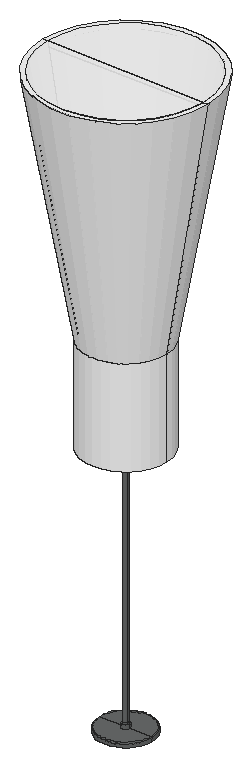
Revit family "MS-P", category Lighting Fixtures, host Face, Revit 2014
Parameters (values of type "MS-P-S-WM-108LED")
  Watts = 8 W
  Wattage Comments = "8W"
  Wattage = 9.2903 W
  Warranty = "5 years Warranty"  # constant formula
  built-in parameter 1150110 = 1 (stored number, unit not read)
  Voltage = 120 V
  URL = "https://www.hubbell.com/securitylighting/en"
  built-in parameter 1114217 = 1 (stored number, unit not read)
  Tilt Angle = 60.00°
  built-in parameter 1150109 = 1 (stored number, unit not read)
  built-in parameter 1150134 = 3
  built-in parameter 1150113 = 1 (stored number, unit not read)
  Reflector Finish = Hubbell - White Glass
  Product Link = "https://www.hubbell.com/securitylighting/en/Products/Lighting-Controls/Commercial-Indoor-Lighting/Pendant-Lighting/Large-Classic-Pendant/p/3027504"
  Product Documentation Link = "https://hubbellcdn.com/specsheet/SL_Pendant%20Large%20Classic.pdf"
  Power Factor = 1
  Photometric Web File = "generic"
  Pendent Height [instance] = 12"
  built-in parameter 1150142 = (empty or 0)
  Model = "MS-P-S"  # constant formula
  Manufacturer = "Security Lighting"  # constant formula
  built-in parameter 1150105 = 109.82 (stored number, unit not read)
  Lumens = 1380 lm
  built-in parameter 1150115 = 1 (stored number, unit not read)
  Load Classification = Lighting
  built-in parameter 1150137 = (empty or 0)
  built-in parameter 1150139 = (empty or 0)
  built-in parameter 1150112 = 1 (stored number, unit not read)
  built-in parameter 1150114 = 1 (stored number, unit not read)
  Lamp = "LED"  # constant formula
  LF = MS : P
  built-in parameter 1150132 = (empty or 0)
  built-in parameter 1150102 = (empty or 0)
  built-in parameter 1150107 = 3200 (stored number, unit not read)
  built-in parameter 1150138 = (empty or 0)
  built-in parameter 1150106 = 1.0982 (stored number, unit not read)
  Housing Material = Paint - Hubbell - Matte White
  Fixture distribution = "Direct"  # constant formula
  Features = "Security Lighting’s Metal Shade Pendant offers a unique architectural\r\npendant shape in multiple colors to provide a dramatic impact for all decors.\r\n• The cord hung pendant allows for total flexibility in mounting and the\r\npowder coated finish on the spun aluminum shade is extremely easy to\r\nclean and are well suited for all high traffic spaces including the most\r\ndemanding environments where style and decor cannot be comprimised.\r\n• Socket Assemblies provided with 8 feet of wire and LED lamps are GU24\r\nbase, with 90 CRI for high color rendering ability.\r\n• Pendants are available in custom sizes, shapes, and colors and are offered\r\nwith a range of LED lamp options in various lumen packages, so please\r\nconsult the factory for more information."  # constant formula
  Emit from Circle Diameter = 7 115/128"  # constant formula
  Emit Shape Visible in Rendering = no
  built-in parameter 1150104 = 13.8 (stored number, unit not read)
  Drum-Height = 24"
  Dimming Lamp Color Temperature Shift = <None>
  Description = "The cord hung pendant allows for total flexibility in mounting and thepowder coated finish on the spun aluminum shade is extremely easy to clean and are well suited for all high traffic spaces including the most demanding environments where style and decor cannot be compromised."  # constant formula
  Default Elevation = 48"
  Copyright = " ©2020 Security Lighting, a division of Hubbell Lighting, Inc"  # constant formula
  Contact = "https://www.hubbell.com/securitylighting/en/contactUs"
  Connector Description = "Lighting Connector"  # constant formula
  Color Filter = 16777215
  built-in parameter 1114218 = 1 (stored number, unit not read)
  built-in parameter 1150133 = 10 (stored number, unit not read)
  Assembly Code = "D5020200"
  Apparent Load = Watts / Power Factor  # 8 VA
Types (9): name | Housing Material
  (no name) | Paint - Hubbell - Matte White
  MS-P-S-WM-108LED | Paint - Hubbell - Matte White
  MS-P-S-BK-108LED | Paint - Hubbell - Black
  MS-P-S-PS-108LED | Paint - Hubbell - Light Silver
  MS-P-S-RD-108LED | Metal - Hubbell - Red
  MS-P-S-DB-108LED | Paint - Hubbell - Metallic Bronze Textured
  MS-P-S-FG-108LED | Paint - Hubbell - Green Textured
  MS-P-S-GR-108LED | Paint - Hubbell - Gray Smooth
  MS-P-S-BL-108LED | Metal - Bubbell - Blue
Reference planes (in)
  plane 1 "Center (Front/Back)": y = 0
  plane 2: z = 0
  plane 3 "Center (Left/Right)": x = 0
  plane 4: z = 12
  plane 5: z = 15.5
Dimensions and locks (in)
  "Pendent Height": plane 4 to plane 2
  locked: plane 5 to plane 4 at 3.5
  aligned and locked: plane 2 to host face
  aligned and locked: level to host face
  aligned and locked: plane 1 "Center (Front/Back)" to nested 1
  aligned and locked: plane 3 "Center (Left/Right)" to nested 1
  aligned and locked: imposter light to plane 1 "Center (Front/Back)"
Automatic sketch dimensions
  host sketch curve to host sketch curve = 96"  (x2)
Nested families (in)
  nested 1: "MS" at (0, 0, 0), Pendent Height <- "Pendent Height", type "P"
    with Pendent Height 12"
Connectors (in)
  electrical at (-0.00321, 0, 10.57698), driven by "Load Classification", driven by "Voltage", driven by "Apparent Load", driven by "Power Factor", driven by "Connector Description"
    settings: on nested 1, index 1, voltage 120 V, apparent load 8 VA, apparent load phase1 0 VA, apparent load phase2 0 VA, apparent load phase3 0 VA, power factor 1, load classification "Lighting", number of poles 1, system type 30, power factor state 1, is connector primary yes, connector utility no, sub classification motor no, connector description "Lighting Connector"
Definition of nested family "MS"
  Parameters (values of type "P")
    Width = 2.2"  # constant formula
    Wattage Comments = ""
    URL = ""
    Rod Material = Paint - Hubbell - Basic Black Textured
    Reflector Finish = Hubbell - White Glass
    Pendent Height [instance] = 12"
    Pendant Material = Paint - Hubbell - Matte White
    Outter Length = 7.9"
    Model = ""
    Manufacturer = ""
    Load Classification = Lighting
    Length = 3.9"
    Lamp = ""
    L2 = L1 - 0.1"  # 1.85"
    L1 = Length / 2  # 1.95"
    Height = 15 3/4"
    Description = ""
    Default Elevation = 48"
    Apparent Load = 0 VA  # constant formula
  Reference planes (in)
    plane 1 "Center (Front/Back)": y = 0
    plane 2: z = 0
    plane 3 "Center (Left/Right)": x = 0
    plane 4: y = -1.1
    plane 5: y = 1.1
    plane 6: z = 12
    plane 7: x = -1.95
    plane 8: x = 1.95
    plane 9: z = 27.75
    plane 10: x = 3.95
    plane 11: x = -3.95
  Forms (in)
    Extrusion 1, solid
      sketch origin (0, 0, 0) x (1, 0, 0) y (0, 1, 0)
        loop
          line (-48, 48) -> (-48, -48) -> (48, -48) -> (48, 48) -> (-48, 48)
      from 0 to -1.25
    Revolve 2, solid, material "Paint - Hubbell - Basic Black Textured" <- "Rod Material"
      sketch origin (-29.50321, 0, 0) x (-1, 0, 0) y (0, 0, -1)
        loop
          line (-29.5, -12) -> (-29.4, -12) -> (-29.4, -0.43767) -> (-29.4, -0.35177) -> (-29.3207, -0.35177) -> (-29.3207, -0.19867) -> (-28.29416, -0.19867)
          arc (-28.29416, -0.19867) -> (-28.27389, -0.19028) -> (-28.2655, -0.17001) r 0.02866
          line (-28.2655, -0.17001) -> (-28.2655, 0) -> (-29.5, 0) -> (-29.5, -12)
        axis (-29.5, -12) -> (-29.5, 0)
      angle from 0 to 360
    Revolve 3, solid, material "Paint - Hubbell - Matte White" <- "Pendant Material"
      sketch origin (0, 0, 0) x (1, 0, 0) y (0, 0, 1)
        loop
          line (0, 12) -> (1.91042, 12) -> (1.91042, 16.5374) -> (3.8875, 27.75) -> (3.6728, 27.75) -> (1.73775, 16.77583) -> (1.73775, 12.15) -> (0, 12.15) -> (0, 12)
        axis (0, 27.75) -> (0, 12)
      angle from 0 to 360
    Revolve 4, solid, material "Hubbell - White Glass" <- "Reflector Finish"
      sketch origin (0, 0, 0) x (1, 0, 0) y (0, 0, 1)
        loop
          line (3.6728, 27.75) -> (0, 27.75) -> (0, 27.53262) -> (3.6413, 27.53262) -> (3.6728, 27.75)
        axis (0, 27.75) -> (0, 27.53262)
      angle from 0 to 360
  Dimensions and locks (in)
    equal spacing: plane 4, plane 1 "Center (Front/Back)", plane 5
    "Width": plane 5 to plane 4
    "Pendent Height": plane 6 to plane 2
    equal spacing: plane 8, plane 3 "Center (Left/Right)", plane 7
    "Length": plane 8 to plane 7
    "Height": plane 9 to plane 6
    "Outter Length": plane 10 to plane 11
    equal spacing: plane 10, plane 3 "Center (Left/Right)", plane 11
    aligned and locked: plane 2 to Extrusion 1
    aligned and locked: level to Extrusion 1
  Automatic sketch dimensions
    Extrusion 1 sketch curve to Extrusion 1 sketch curve = 96"  (x2)
    Revolve 4 sketch curve to plane 3 "Center (Left/Right)" = 0"  (x2)
    Revolve 4 sketch curve to plane 9 = 0"
    Revolve 4 sketch curve to plane 10 = 0.3087"
    Revolve 4 sketch curve to plane 9 = 0.21738"
    Revolve 4 sketch curve to Revolve 4 sketch curve = 0.0315"
    Revolve 4 sketch curve to Revolve 4 sketch curve = 6.28262"
    Revolve 4 sketch curve to Revolve 4 sketch curve = 6 1/2"
    Revolve 3 sketch curve to plane 3 "Center (Left/Right)" = 0"  (x2)
    Revolve 3 sketch curve to plane 6 = 0"
    Revolve 3 sketch curve to plane 9 = 0"
    Revolve 3 sketch curve to plane 8 = 0.21225"
    Revolve 3 sketch curve to plane 8 = 0.03958"
    Revolve 3 sketch curve to plane 10 = 0.2772"
    Revolve 3 sketch curve to plane 10 = 1/16"
    plane 6 to Revolve 3 sketch curve = 0.15"
    level to Revolve 3 sketch curve = 3.10429"
    Revolve 3 sketch curve to Revolve 3 sketch curve = 1/4"
    Revolve 3 sketch curve to Revolve 3 sketch curve = 4.3874"
    Revolve 3 sketch curve to Revolve 3 sketch curve = 0.23843"
    Revolve 2 sketch curve to plane 6 = 0"
    Revolve 2 sketch curve to level = 0"
    Revolve 2 sketch curve to plane 3 "Center (Left/Right)" = 0.00321"  (x2)
    Revolve 2 sketch curve to plane 3 "Center (Left/Right)" = 0.10321"
    Revolve 2 sketch curve to Revolve 2 sketch curve = 0.0793"
    level to Revolve 2 sketch curve = 0.19867"
    plane 7 to Revolve 2 sketch curve = 0.74095"
    Revolve 2 sketch curve to Revolve 2 sketch curve = 0.02866"
    Revolve 2 sketch curve to Revolve 2 sketch curve = 0.239"
    Revolve 2 sketch curve to Revolve 2 sketch curve = 0.0859"
    plane 9 to Revolve 2 sketch curve = 85.53497"
    Revolve 2 sketch curve to Revolve 2 sketch curve = 9.16755"
